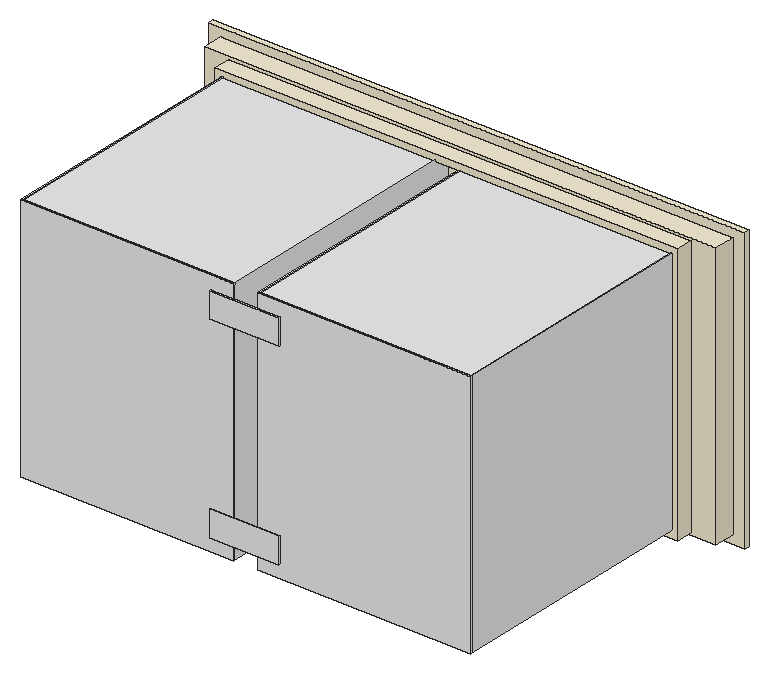
Revit family "4C-4_Door_High_Units_FL.rfa", category Specialty Equipment, host Wall, Revit 2016
Family settings
  Host = Wall
  Part Type = Normal
  Round Connector Dimension = Use Diameter
  Always vertical = Yes
  Cut with Voids When Loaded = No
  Shared = No
  Room Calculation Point = No
Parameters (values of type "3704D-06 FL")
  Width = 31.09766"
  Visible Door Number [instance] = yes
  Vertical Center Divider = yes
  Version = "2.0 (08/09/16)"
  Type Comments = "4C Standard Horizontal Mailbox - Front Loading"
  Top Back Plate = yes
  Right Inside Wall = yes
  Model = "3704D-06 FL"
  MasterFormat Title = "Postal Specialties"
  MasterFormat Number = "10 55 00"
  Manufacturer = "Salsbury Industries"
  Lock Material = Stainless Steel -Salsbury Finish =  Polished
  Left Inside Wall = yes
  Latch Lock - Right Side = no
  Latch Lock - Left Side = no
  Latch Alignment = 14.85742"
  Keynote = ""
  Height = 16.470"
  Front Panel Material [instance] = Aluminum - Salsbury Finish = Sandstone
  Door Slot R4 Number [instance] = "6"
  Door Slot R4 = 3700 Series 4C Door Configurations : MB1 Door w/ Divider
  Door Slot R3 Number [instance] = "0"
  Door Slot R3 = 3700 Series 4C OM2 Configuration : OM2-FL
  Door Slot R2 Number [instance] = "0"
  Door Slot R2 = 3700 Series 4C Door Configurations : Empty
  Door Slot R1 Number [instance] = "5"
  Door Slot R1 = 3700 Series 4C Door Configurations : MB1 Door
  Door Slot L4 Number [instance] = "4"
  Door Slot L4 = 3700 Series 4C Door Configurations : MB1 Door w/ Divider
  Door Slot L3 Number [instance] = "3"
  Door Slot L3 = 3700 Series 4C Door Configurations : MB1 Door w/ Divider
  Door Slot L2 Number [instance] = "2"
  Door Slot L2 = 3700 Series 4C Door Configurations : MB1 Door w/ Divider
  Door Slot L1 Number [instance] = "1"
  Door Slot L1 = 3700 Series 4C Door Configurations : MB1 Door
  Description = "4 Door High Unit: 6 MB1, OM2"
  Depth = 17.025"
  Center Extrusion Offset [instance] = 0.000"
  Bottom Back Plate = yes
  Back Enclosure Material = Aluminum - Salsbury Finish = Anodized
  Assembly Code = "C1030910"
  Above Finished Floor (AFF-Bottom of Unit) [instance] = 26.683"
  Above Finished Floor (AFF-Bottom of Door) [instance] = 28.000"
Reference planes (in)
  plane 1 "Wall Centerline": y = 0
  plane 2 "Center (Left/Right)": x = 0
  plane 3 "Front": y = 3
  plane 4 "15" AFF": z = 28
  plane 5 "28" AFF": z = 28
  plane 6 "36" AFF": z = 36
  plane 7 "48" AFF": z = 48
  plane 8 "Bottom of Unit": z = 26.683
  plane 9 "Top of Unit": z = 43.153
  plane 10 "Left Side of Unit": x = 15.54883
  plane 11 "Right Side of Unit": x = -15.54883
  plane 12 "28" AFF_Bottom of Unit": z = 26.683
  plane 13 "Top Horiz Trim Align": z = 42.32225
  plane 14 "Bottom Horiz Trim Align": z = 27.515
  plane 15 "Left Trim Align": x = 14.716
  plane 16 "Right Trim Align": x = -14.716
  plane 17 "Left Door Align": x = 14.06641
  plane 18 "Right Door Align": x = -14.06641
  plane 19 "Top Horiz Door Align": z = 41.73125
  plane 20 "Bottom Horiz Door Align": z = 28
  plane 21 "Front Face of Unit": y = 3.265
  plane 22 "Top Housing Align": z = 42.649
  plane 23 "Top Collar Align": z = 42.501
  plane 24 "Top Box Align": z = 42.146
  plane 25 "Vertical Housing Align": y = 1.795
  plane 26 "Vertical Collar Align": y = 0.795
  plane 27 "Back of Unit": y = -13.76
  plane 28 "Bottom Housing Align": z = 27.187
  plane 29 "Bottom Collar Align": z = 27.335
  plane 30 "Bottom Box Align": z = 27.75
  plane 31 "Door Alignment": y = 2.66809
  plane 32 "Right Housing Align": x = -14.84183
  plane 33 "Right Collar Align": x = -13.40883
  plane 34 "Right Box Side Align": x = -13.08083
  plane 35 "Left Housing Align": x = 14.84183
  plane 36 "Left Collar Align": x = 13.40883
  plane 37 "Left Side Box Align": x = 13.08083
  plane 38 "Top Back Plate Align": z = 41.367
  plane 39 "Back": y = -3
  plane 40 "RO Left Side": x = 15.17383
  plane 41 "RO Right Side": x = -15.17383
  plane 42 "RO Bottom": z = 27.058
  plane 43 "RO Top": z = 42.778
  plane 44 "Horiz Centerline": z = 42.04237
  plane 45: x = 12.99983
  plane 46: x = 12.92758
  plane 47 "Center Extrusion": x = 0
  plane 48 "Center Extrusion Offset": x = 0
  plane 49 "Row 4 Top Align": z = 31.5
  plane 50 "Row 3 Top Align": z = 35
  plane 51 "Row 2 Top Align": z = 38.5
  plane 52 "Top of base shelf": z = 28.41625
  plane 53 "base shelf void": z = 28.23439
  plane 54: z = 29.999
  plane 55: z = 28.499
  plane 56 "bottom of base shelf": z = 27.88469
  plane 57: x = -0.69141
  plane 58: x = 0.69141
  plane 59: z = 36.8
Forms (in)
  Extrusion 1, void
    sketch origin (0, 3, 0) x (1, 0, 0) y (0, 0, 1)
      loop
        line (15.17383, 42.778) -> (-15.17383, 42.778) -> (-15.17383, 27.058) -> (15.17383, 27.058) -> (15.17383, 42.778)
    from 0 to 15.27914
  Extrusion 2, solid, material "Aluminum - Salsbury Finish = Sandstone" <- "Front Panel Material"
    sketch origin (0, 3, 0) x (1, 0, 0) y (0, 0, 1)
      loop
        line (15.54883, 43.153) -> (-15.54883, 43.153) -> (-15.54883, 26.683) -> (15.54883, 26.683) -> (15.54883, 43.153)
    from -0.265 to 0
  Extrusion 3, void
    sketch origin (0, 3.265, 0.00774) x (0, 0, -1) y (-1, 0, 0)
      loop
        line (-42.31451, -14.716) -> (-27.50726, -14.716) -> (-27.50726, 14.716) -> (-42.31451, 14.716) -> (-42.31451, -14.716)
    from -0.265 to 0
  Extrusion 4, solid, material "Aluminum - Salsbury Finish = Sandstone" <- "Front Panel Material"
    sketch origin (14.98214, 3.265, -1.67978) x (0, 0, -1) y (-1, 0, 0)
      loop
        line (-44.00203, 29.69814) -> (-44.00203, 29.04855) -> (-29.19478, 29.04855) -> (-29.19478, 29.69814) -> (-44.00203, 29.69814)
    from 0 to -0.265
  Extrusion 5, solid, material "Aluminum - Salsbury Finish = Sandstone" <- "Front Panel Material"
    sketch origin (0, 3.265, 84.08475) x (0, 0, 1) y (1, 0, 0)
      loop
        line (-56.56975, 14.06641) -> (-56.56975, -14.06641) -> (-56.08475, -14.06641) -> (-56.08475, 14.06641) -> (-56.56975, 14.06641)
    from -0.265 to 0
  Extrusion 6, solid, material "Aluminum - Salsbury Finish = Sandstone" <- "Front Panel Material"
    sketch origin (0, 3, 84.08475) x (1, 0, 0) y (0, 0, 1)
      loop
        line (-14.84183, -56.89775) -> (14.84183, -56.89775) -> (14.84183, -41.43575) -> (-14.84183, -41.43575) -> (-14.84183, -56.89775)
    from 0 to 1.205
  Extrusion 7, solid, material "Aluminum - Salsbury Finish = Sandstone" <- "Front Panel Material"
    sketch origin (0, 1.795, 0) x (0, 0, 1) y (-1, 0, 0)
      loop
        line (27.335, 13.40883) -> (27.335, -13.40883) -> (42.501, -13.40883) -> (42.501, 13.40883) -> (27.335, 13.40883)
    from 0 to 1
  Extrusion 8, void
    sketch origin (0, 1.795, 0) x (0, 0, 1) y (-1, 0, 0)
      loop
        line (42.146, 13.08083) -> (27.75, 13.08083) -> (27.75, -13.08083) -> (42.146, -13.08083) -> (42.146, 13.08083)
    from 0 to 1
  Extrusion 9, solid, material "Aluminum - Salsbury Finish = Sandstone" <- "Front Panel Material"
    sketch origin (0, 3.265, 0) x (0, 0, -1) y (-1, 0, 0)
      loop
        line (-42.32225, -14.716) -> (-27.515, -14.716) -> (-27.515, -14.06641) -> (-42.32225, -14.06641) -> (-42.32225, -14.716)
    from 0 to -0.265
  Extrusion 10, solid, material "Aluminum - Salsbury Finish = Sandstone" <- "Front Panel Material"
    sketch origin (0, 3.265, 0) x (0, 0, -1) y (-1, 0, 0)
      loop
        line (-42.32225, -14.06641) -> (-41.73125, -14.06641) -> (-41.73125, 14.06641) -> (-42.32225, 14.06641) -> (-42.32225, -14.06641)
    from -0.265 to 0
  Extrusion 11, void
    sketch origin (0, 1.795, 0) x (0, 0, 1) y (-1, 0, 0)
      loop
        line (42.501, -13.40883) -> (42.501, 13.40883) -> (27.335, 13.40883) -> (27.335, -13.40883) -> (42.501, -13.40883)
    from -1.124 to 0
  Extrusion 12, void
    sketch origin (0, 3, 0) x (1, 0, 0) y (0, 0, 1)
      loop
        line (14.06641, 42.501) -> (-14.06641, 42.501) -> (-14.06641, 27.335) -> (14.06641, 27.335) -> (14.06641, 42.501)
    from 0 to 0.33191
  Extrusion 13, solid, material "Aluminum - Salsbury Finish = Anodized" <- "Back Enclosure Material"
    sketch origin (-0.54283, 1.795, 0) x (0, 0, 1) y (-1, 0, 0)
      loop
        line (42.146, 12.538) -> (27.75, 12.538) -> (27.75, 12.457) -> (42.146, 12.457) -> (42.146, 12.538)
    from 0 to 15.47297
  Extrusion 14, solid, material "Aluminum - Salsbury Finish = Anodized" <- "Back Enclosure Material", visible <- "Right Inside Wall"
    sketch origin (11.7675, 1.795, 0) x (0, 0, 1) y (-1, 0, 0)
      loop
        line (42.146, 12.538) -> (27.75, 12.538) -> (27.75, 12.457) -> (42.146, 12.457) -> (42.146, 12.538)
    from 0 to 15.47297
  Extrusion 15, solid, material "Aluminum - Salsbury Finish = Anodized" <- "Back Enclosure Material"
    sketch origin (0.54283, 1.795, 0) x (0, 0, 1) y (-1, 0, 0)
      loop
        line (42.146, -12.538) -> (42.146, -12.457) -> (27.75, -12.457) -> (27.75, -12.538) -> (42.146, -12.538)
    from 0 to 15.47297
  Extrusion 16, solid, material "Aluminum - Salsbury Finish = Anodized" <- "Back Enclosure Material", visible <- "Left Inside Wall"
    sketch origin (-11.7675, 1.795, 0) x (0, 0, 1) y (-1, 0, 0)
      loop
        line (42.146, -12.538) -> (42.146, -12.457) -> (27.75, -12.457) -> (27.75, -12.538) -> (42.146, -12.538)
    from 0 to 15.47297
  Extrusion 17, solid, material "Aluminum - Salsbury Finish = Anodized" <- "Back Enclosure Material"
    sketch origin (0, -13.76, 0) x (0, 0, 1) y (-1, 0, 0)
      loop
        line (42.146, 13.08083) -> (27.75, 13.08083) -> (27.75, -13.08083) -> (42.146, -13.08083) -> (42.146, 13.08083)
    from -0.08203 to 0
  Extrusion 18, solid, material "Aluminum - Salsbury Finish = Anodized" <- "Back Enclosure Material"
    sketch origin (0, 0, 42.146) x (0, 1, 0) y (-1, 0, 0)
      loop
        line (1.795, 12.99983) -> (-13.67797, 12.99983) -> (-13.67797, -12.99983) -> (1.795, -12.99983) -> (1.795, 12.99983)
    from -0.35871 to 0
  Extrusion 19, void
    sketch origin (0, 0, 42.146) x (0, 1, 0) y (-1, 0, 0)
      loop
        line (1.7325, 12.93342) -> (-13.61547, 12.93342) -> (-13.61547, -12.92758) -> (1.7325, -12.92758) -> (1.7325, 12.93342)
    from -0.0723 to -0.6459
  Extrusion 20, solid, material "Aluminum - Salsbury Finish = Anodized" <- "Back Enclosure Material"
    sketch origin (0, 0, 27.88469) x (-1, 0, 0) y (0, -1, 0)
      loop
        line (12.99983, -1.795) -> (12.99983, 13.67797) -> (-12.99983, 13.67797) -> (-12.99983, -1.795) -> (12.99983, -1.795)
    from 0.53156 to 0
  Extrusion 21, void
    sketch origin (0, 0, 27.88469) x (-1, 0, 0) y (0, -1, 0)
      loop
        line (12.93342, -1.7325) -> (12.93342, 13.61547) -> (-12.92758, 13.61547) -> (-12.92758, -1.7325) -> (12.93342, -1.7325)
    from 0.3497 to 0
  Extrusion 22, solid, material "Aluminum - Salsbury Finish = Anodized" <- "Back Enclosure Material", visible <- "Top Back Plate"
    sketch origin (0, -13.76, 0) x (0, 0, 1) y (-1, 0, 0)
      loop
        line (41.367, 2) -> (39.867, 2) -> (39.867, -2) -> (41.367, -2) -> (41.367, 2)
    from 0 to 0.08203
  Extrusion 23, solid, material "Aluminum - Salsbury Finish = Anodized" <- "Back Enclosure Material", visible <- "Bottom Back Plate"
    sketch origin (0, -13.76, 84.11475) x (0, 0, -1) y (1, 0, 0)
      loop
        line (55.61575, -2) -> (55.61575, 2) -> (54.11575, 2) -> (54.11575, -2) -> (55.61575, -2)
    from 0 to 0.08203
  Extrusion 24, void
    sketch origin (0, 0, 0) x (0, 0, 1) y (0, 1, 0)
      loop
        line (42.146, 1.795) -> (42.32225, 1.795) -> (42.32225, 3.265) -> (27.515, 3.265) -> (27.515, 1.795) -> (27.75, 1.795) -> (27.75, -13.76) -> (42.146, -13.76) -> (42.146, 1.795)
    from -0.69141 to 0.69141
  Extrusion 25, solid, material "Aluminum - Salsbury Finish = Sandstone" <- "Front Panel Material", visible <- "Vertical Center Divider"
    sketch origin (-0.77934, 3.265, 0) x (0, 0, -1) y (-1, 0, 0)
      loop
        line (-42.32225, -1.47075) -> (-27.515, -1.47075) -> (-27.515, -0.08794) -> (-42.32225, -0.08794) -> (-42.32225, -1.47075)
    from 0 to -1.47
Cuts and joins
  Extrusion 3, Extrusion 11, Extrusion 24 cuts Extrusion 2
  Extrusion 8, Extrusion 11, Extrusion 12, Extrusion 24 cuts Extrusion 5
  Extrusion 8, Extrusion 12, Extrusion 19, Extrusion 24 cuts Extrusion 7
  Extrusion 11, Extrusion 12, Extrusion 24 cuts Extrusion 10
  Extrusion 11, Extrusion 12 cuts Extrusion 6
  Extrusion 12 cuts Extrusion 4
  Extrusion 12 cuts Extrusion 9
  Extrusion 19, Extrusion 21, Extrusion 24 cuts Extrusion 18
  Extrusion 21, Extrusion 24 cuts Extrusion 20
  Extrusion 24 cuts Extrusion 17
  Extrusion 24 cuts Extrusion 22
  Extrusion 24 cuts Extrusion 23
Lines and regions (in)
  model lines
    curve 1: line (15.54883, 3.265, 43.153) -> (14.716, 3.265, 42.32017)
    curve 2: line (-15.54883, 3.265, 43.153) -> (-14.716, 3.265, 42.32017)
    curve 3: line (-15.54883, 3.265, 26.683) -> (-14.716, 3.265, 27.51583)
    curve 4: line (15.54883, 3.265, 26.683) -> (14.716, 3.265, 27.51583)
  reference lines
    curve 5: line (-14.06641, 2.66809, 25.683) -> (-14.06641, 2.66809, 47.43425)
    curve 6: line (14.06641, 2.66809, 26.183) -> (14.06641, 2.66809, 47.43425)
Text (in)
  text "Placement Side" at (0, 40.15149, 123.01588), in view "Right"
  text "Placement Side" at (-58.6842, 42.74981, 0), in view "Ref. Level"
  text "Placement Side" at (0, 47.49176, 140.59947), in view "Left"
Dimensions and locks (in)
  locked: plane 3 "Front" to host wall
  "Above Finished Floor (AFF-Bottom of Door)": level to plane 4 "15" AFF"
  locked: level to plane 5 "28" AFF" at 28
  locked: level to plane 6 "36" AFF" at 36
  locked: level to plane 7 "48" AFF" at 48
  equal spacing: plane 11 "Right Side of Unit", plane 2 "Center (Left/Right)", plane 10 "Left Side of Unit"
  plane 8 "Bottom of Unit" to plane 4 "15" AFF" = 1.317"
  "Width": plane 11 "Right Side of Unit" to plane 10 "Left Side of Unit"
  "Height": plane 8 "Bottom of Unit" to plane 9 "Top of Unit"
  plane 12 "28" AFF_Bottom of Unit" to plane 5 "28" AFF" = 1.317"
  locked: plane 15 "Left Trim Align" to plane 10 "Left Side of Unit" at 0.83283
  locked: plane 16 "Right Trim Align" to plane 11 "Right Side of Unit" at 0.83283
  locked: plane 13 "Top Horiz Trim Align" to plane 9 "Top of Unit" at 0.83075
  locked: plane 8 "Bottom of Unit" to plane 14 "Bottom Horiz Trim Align" at 0.832
  plane 17 "Left Door Align" to plane 15 "Left Trim Align" = 0.64959"
  plane 18 "Right Door Align" to plane 16 "Right Trim Align" = 0.64959"
  locked: plane 19 "Top Horiz Door Align" to plane 13 "Top Horiz Trim Align" at 0.591
  locked: plane 14 "Bottom Horiz Trim Align" to plane 20 "Bottom Horiz Door Align" at 0.485
  plane 20 "Bottom Horiz Door Align" to level = 28.000"
  plane 5 "28" AFF" to level = 28.000"
  plane 6 "36" AFF" to level = 36.000"
  plane 7 "48" AFF" to level = 48.000"
  plane 9 "Top of Unit" to plane 8 "Bottom of Unit" = 16.470"
  plane 21 "Front Face of Unit" to host wall = 0.265"
  locked: host wall to plane 25 "Vertical Housing Align" at 1.205
  locked: plane 25 "Vertical Housing Align" to plane 26 "Vertical Collar Align" at 1
  plane 25 "Vertical Housing Align" to plane 27 "Back of Unit" = 15.555"
  "Depth": plane 21 "Front Face of Unit" to plane 27 "Back of Unit"
  locked: plane 9 "Top of Unit" to plane 22 "Top Housing Align" at 0.504
  locked: plane 22 "Top Housing Align" to plane 23 "Top Collar Align" at 0.148
  locked: plane 23 "Top Collar Align" to plane 24 "Top Box Align" at 0.355
  locked: plane 28 "Bottom Housing Align" to plane 8 "Bottom of Unit" at 0.504
  locked: plane 29 "Bottom Collar Align" to plane 28 "Bottom Housing Align" at 0.148
  locked: plane 30 "Bottom Box Align" to plane 29 "Bottom Collar Align" at 0.415
  plane 24 "Top Box Align" to plane 30 "Bottom Box Align" = 14.396"  (x2)
  locked: plane 21 "Front Face of Unit" to plane 31 "Door Alignment" at 0.59691
  plane 11 "Right Side of Unit" to plane 32 "Right Housing Align" to plane 33 "Right Collar Align" to plane 34 "Right Box Side Align" = 0.707" locked, 1.433" locked, 0.328" locked
  plane 37 "Left Side Box Align" to plane 36 "Left Collar Align" to plane 35 "Left Housing Align" to plane 10 "Left Side of Unit" = 0.328" locked, 1.433" locked, 0.707" locked
  plane 11 "Right Side of Unit" to plane 32 "Right Housing Align" to plane 33 "Right Collar Align" to plane 34 "Right Box Side Align" = 0.707", 1.433", 0.328"
  plane 37 "Left Side Box Align" to plane 36 "Left Collar Align" to plane 35 "Left Housing Align" to plane 10 "Left Side of Unit" = 0.328", 1.433", 0.707"
  plane 9 "Top of Unit" to plane 24 "Top Box Align" = 1.007"
  plane 30 "Bottom Box Align" to plane 8 "Bottom of Unit" = 1.067"
  locked: plane 24 "Top Box Align" to plane 38 "Top Back Plate Align" at 0.779
  locked: plane 40 "RO Left Side" to plane 10 "Left Side of Unit" at 0.375
  locked: plane 41 "RO Right Side" to plane 11 "Right Side of Unit" at 0.375
  locked: plane 8 "Bottom of Unit" to plane 42 "RO Bottom" at 0.375
  locked: plane 43 "RO Top" to plane 9 "Top of Unit" at 0.375
  Extrusion 13 to Extrusion 13 = 0.081"
  Extrusion 15 to Extrusion 15 = 0.081"
  plane 45 to plane 37 "Left Side Box Align" = 0.081"
  plane 46 to plane 45 = 0.07225"
  plane 18 "Right Door Align" to plane 17 "Left Door Align" = 28.13281"
  "Center Extrusion Offset": plane 47 "Center Extrusion" to plane 48 "Center Extrusion Offset"
  plane 20 "Bottom Horiz Door Align" to plane 49 "Row 4 Top Align" to plane 50 "Row 3 Top Align" to plane 51 "Row 2 Top Align" = 3.500" locked, 3.500" locked, 3.500" locked
  plane 52 "Top of base shelf" to plane 53 "base shelf void" to plane 56 "bottom of base shelf" to plane 30 "Bottom Box Align" = 0.18186" locked, 0.3497" locked, 0.13469" locked
  plane 54 to plane 55 to plane 8 "Bottom of Unit" = 1.500" locked, 1.816" locked
  "Above Finished Floor (AFF-Bottom of Unit)": level to plane 8 "Bottom of Unit"
  locked: plane 57 to plane 58 at 1.38281
  plane 59 to plane 30 "Bottom Box Align" = 9.050"
  "Latch Alignment": plane 11 "Right Side of Unit" to plane 57
  aligned and locked: plane 8 "Bottom of Unit" to Extrusion 2 sketch curve
  aligned and locked: plane 10 "Left Side of Unit" to Extrusion 2 sketch curve
  aligned and locked: Extrusion 2 sketch curve to plane 11 "Right Side of Unit"
  aligned and locked: Extrusion 2 sketch curve to plane 9 "Top of Unit"
  aligned and locked: plane 21 "Front Face of Unit" to Extrusion 2
  aligned and locked: Extrusion 4 to plane 16 "Right Trim Align"
  aligned and locked: plane 18 "Right Door Align" to Extrusion 4
  aligned and locked: plane 13 "Top Horiz Trim Align" to Extrusion 4
  aligned and locked: Extrusion 5 to plane 14 "Bottom Horiz Trim Align"
  aligned and locked: Extrusion 5 to plane 17 "Left Door Align"
  aligned and locked: plane 20 "Bottom Horiz Door Align" to Extrusion 5
  aligned and locked: Extrusion 5 to plane 18 "Right Door Align"
  aligned and locked: plane 34 "Right Box Side Align" to Extrusion 17 sketch curve
  aligned and locked: Extrusion 17 sketch curve to plane 24 "Top Box Align"
  aligned and locked: Extrusion 17 sketch curve to plane 37 "Left Side Box Align"
  aligned and locked: plane 30 "Bottom Box Align" to Extrusion 17 sketch curve
  aligned and locked: plane 25 "Vertical Housing Align" to Extrusion 18 sketch curve
  aligned and locked: Extrusion 18 sketch curve to plane 45
  aligned and locked: plane 46 to Extrusion 19
  aligned and locked: plane 45 to cut or joined group of Extrusion 18, Extrusion 19, Extrusion 21, Extrusion 24
  aligned and locked: plane 25 "Vertical Housing Align" to Extrusion 20 sketch curve
  aligned and locked: Extrusion 20 sketch curve to plane 45
  aligned and locked: plane 46 to cut or joined group of Extrusion 20, Extrusion 21, Extrusion 24
  aligned and locked: plane 17 "Left Door Align" to cut or joined group of Extrusion 9, Extrusion 12
  aligned and locked: plane 25 "Vertical Housing Align" to Extrusion 25
  aligned and locked: plane 21 "Front Face of Unit" to Extrusion 25
  aligned and locked: nested 5 to plane 17 "Left Door Align"
  aligned and locked: plane 31 "Door Alignment" to nested 5  (x2)
  aligned and locked: nested 6 to plane 17 "Left Door Align"
  aligned and locked: plane 31 "Door Alignment" to nested 6  (x2)
  aligned and locked: nested 3 to curve 5
  aligned and locked: nested 8 to curve 6
  aligned and locked: nested 7 to curve 6
  aligned and locked: nested 6 to curve 6
  aligned and locked: nested 5 to curve 6
  aligned and locked: plane 31 "Door Alignment" to nested 3
  aligned and locked: plane 31 "Door Alignment" to nested 7
  aligned and locked: plane 31 "Door Alignment" to nested 2
  aligned and locked: plane 31 "Door Alignment" to nested 4
  aligned and locked: nested 1 to curve 5
  aligned and locked: nested 2 to curve 5
  aligned and locked: nested 4 to curve 5
  aligned and locked: plane 31 "Door Alignment" to nested 1
  aligned and locked: cut or joined group of Extrusion 23, Extrusion 24 to plane 55
  aligned and locked: plane 52 "Top of base shelf" to cut or joined group of Extrusion 20, Extrusion 21, Extrusion 24
  aligned and locked: cut or joined group of Extrusion 20, Extrusion 21, Extrusion 24 to plane 56 "bottom of base shelf"
  aligned and locked: plane 20 "Bottom Horiz Door Align" to nested 4
  aligned and locked: plane 20 "Bottom Horiz Door Align" to nested 8
  aligned and locked: plane 49 "Row 4 Top Align" to nested 3
  aligned and locked: plane 49 "Row 4 Top Align" to nested 7
  aligned and locked: plane 50 "Row 3 Top Align" to nested 2
  aligned and locked: plane 50 "Row 3 Top Align" to nested 6
  aligned and locked: plane 51 "Row 2 Top Align" to nested 1
  aligned and locked: plane 51 "Row 2 Top Align" to nested 5
  aligned and locked: plane 31 "Door Alignment" to nested 8
  aligned and locked: nested 10 to plane 27 "Back of Unit"
  aligned and locked: nested 9 to plane 27 "Back of Unit"
  aligned and locked: plane 59 to nested 9
  aligned and locked: plane 59 to nested 10
  aligned and locked: plane 57 to nested 10
  aligned and locked: plane 58 to nested 9
Automatic sketch dimensions
  Extrusion 1 sketch curve to plane 41 "RO Right Side" = 0.000"
  plane 40 "RO Left Side" to Extrusion 1 sketch curve = 0.000"
  Extrusion 1 sketch curve to plane 42 "RO Bottom" = 0.000"
  Extrusion 1 sketch curve to plane 43 "RO Top" = 0.000"
  Extrusion 6 sketch curve to plane 22 "Top Housing Align" = 0.000"
  Extrusion 6 sketch curve to plane 32 "Right Housing Align" = 0.000"
  Extrusion 6 sketch curve to plane 35 "Left Housing Align" = 0.000"
  Extrusion 6 sketch curve to plane 28 "Bottom Housing Align" = 0.000"
  Extrusion 7 sketch curve to plane 29 "Bottom Collar Align" = 0.000"
  Extrusion 7 sketch curve to plane 23 "Top Collar Align" = 0.000"
  plane 36 "Left Collar Align" to Extrusion 7 sketch curve = 0.000"
  Extrusion 7 sketch curve to plane 33 "Right Collar Align" = 0.000"
  Extrusion 8 sketch curve to plane 30 "Bottom Box Align" = 0.000"
  Extrusion 8 sketch curve to plane 24 "Top Box Align" = 0.000"
  Extrusion 8 sketch curve to plane 37 "Left Side Box Align" = 0.000"
  plane 34 "Right Box Side Align" to Extrusion 8 sketch curve = 0.000"
  Extrusion 11 sketch curve to plane 29 "Bottom Collar Align" = 0.000"
  Extrusion 11 sketch curve to plane 23 "Top Collar Align" = 0.000"
  plane 36 "Left Collar Align" to Extrusion 11 sketch curve = 0.000"
  plane 33 "Right Collar Align" to Extrusion 11 sketch curve = 0.000"
  Extrusion 13 sketch curve to plane 30 "Bottom Box Align" = 0.000"
  Extrusion 13 sketch curve to plane 24 "Top Box Align" = 0.000"
  plane 34 "Right Box Side Align" to Extrusion 13 sketch curve = 0.000"
  Extrusion 13 sketch curve to Extrusion 13 sketch curve = 0.081"
  Extrusion 15 sketch curve to plane 30 "Bottom Box Align" = 0.000"
  Extrusion 15 sketch curve to plane 24 "Top Box Align" = 0.000"
  plane 37 "Left Side Box Align" to Extrusion 15 sketch curve = 0.000"
  plane 37 "Left Side Box Align" to Extrusion 15 sketch curve = 0.081"
  Extrusion 18 sketch curve to plane 27 "Back of Unit" = 0.08203"
  plane 34 "Right Box Side Align" to Extrusion 18 sketch curve = 0.081"
  curve 2 to plane 9 "Top of Unit" = 0.000"
  curve 1 to plane 9 "Top of Unit" = 0.000"
  curve 2 to plane 16 "Right Trim Align" = 0.000"
  plane 15 "Left Trim Align" to curve 1 = 0.000"
  curve 3 to plane 16 "Right Trim Align" = 0.000"
  plane 15 "Left Trim Align" to curve 4 = 0.000"
  curve 4 to plane 8 "Bottom of Unit" = 0.000"
  curve 3 to plane 8 "Bottom of Unit" = 0.000"
  plane 10 "Left Side of Unit" to curve 4 = 0.000"
  plane 10 "Left Side of Unit" to curve 1 = 0.000"
  plane 11 "Right Side of Unit" to curve 3 = 0.000"
  plane 11 "Right Side of Unit" to curve 2 = 0.000"
  curve 2 to plane 13 "Top Horiz Trim Align" = 0.00208"
  curve 1 to plane 13 "Top Horiz Trim Align" = 0.00208"
  plane 14 "Bottom Horiz Trim Align" to curve 3 = 0.00083"
  plane 14 "Bottom Horiz Trim Align" to curve 4 = 0.00083"
  Extrusion 3 sketch curve to plane 13 "Top Horiz Trim Align" = 0.000"
  Extrusion 3 sketch curve to plane 14 "Bottom Horiz Trim Align" = 0.000"
  plane 15 "Left Trim Align" to Extrusion 3 sketch curve = 0.000"
  Extrusion 3 sketch curve to plane 16 "Right Trim Align" = 0.000"
  plane 13 "Top Horiz Trim Align" to Extrusion 4 sketch curve = 0.000"
  plane 14 "Bottom Horiz Trim Align" to Extrusion 4 sketch curve = 0.000"
  Extrusion 4 sketch curve to plane 16 "Right Trim Align" = 0.000"
  Extrusion 4 sketch curve to plane 18 "Right Door Align" = 0.000"
  Extrusion 5 sketch curve to plane 14 "Bottom Horiz Trim Align" = 0.000"
  Extrusion 5 sketch curve to plane 4 "15" AFF" = 0.000"
  plane 17 "Left Door Align" to Extrusion 5 sketch curve = 0.000"
  Extrusion 5 sketch curve to plane 18 "Right Door Align" = 0.000"
  Extrusion 9 sketch curve to plane 13 "Top Horiz Trim Align" = 0.000"
  Extrusion 9 sketch curve to plane 14 "Bottom Horiz Trim Align" = 0.000"
  plane 15 "Left Trim Align" to Extrusion 9 sketch curve = 0.000"
  plane 17 "Left Door Align" to Extrusion 9 sketch curve = 0.000"
  Extrusion 10 sketch curve to plane 13 "Top Horiz Trim Align" = 0.000"
  plane 17 "Left Door Align" to Extrusion 10 sketch curve = 0.000"
  Extrusion 10 sketch curve to plane 18 "Right Door Align" = 0.000"
  Extrusion 10 sketch curve to plane 19 "Top Horiz Door Align" = 0.000"
  Extrusion 12 sketch curve to plane 18 "Right Door Align" = 0.000"
  plane 17 "Left Door Align" to Extrusion 12 sketch curve = 0.000"
  Extrusion 12 sketch curve to plane 29 "Bottom Collar Align" = 0.000"
  Extrusion 12 sketch curve to plane 23 "Top Collar Align" = 0.000"
  Extrusion 14 sketch curve to plane 30 "Bottom Box Align" = 0.000"
  Extrusion 14 sketch curve to plane 24 "Top Box Align" = 0.000"
  Extrusion 14 sketch curve to plane 2 "Center (Left/Right)" = 0.6895"
  Extrusion 14 sketch curve to Extrusion 14 sketch curve = 0.081"
  Extrusion 16 sketch curve to plane 30 "Bottom Box Align" = 0.000"
  Extrusion 16 sketch curve to plane 24 "Top Box Align" = 0.000"
  Extrusion 16 sketch curve to plane 2 "Center (Left/Right)" = 0.6895"
  Extrusion 16 sketch curve to Extrusion 16 sketch curve = 0.081"
  Extrusion 19 sketch curve to plane 46 = 0.000"
  Extrusion 19 sketch curve to plane 27 "Back of Unit" = 0.14453"
  plane 25 "Vertical Housing Align" to Extrusion 19 sketch curve = 0.0625"
  plane 34 "Right Box Side Align" to Extrusion 19 sketch curve = 0.14741"
  Extrusion 22 sketch curve to plane 38 "Top Back Plate Align" = 0.000"
  plane 38 "Top Back Plate Align" to Extrusion 22 sketch curve = 1.500"
  plane 2 "Center (Left/Right)" to Extrusion 22 sketch curve = 2.000"
  Extrusion 22 sketch curve to plane 2 "Center (Left/Right)" = 2.000"
  Extrusion 23 sketch curve to plane 2 "Center (Left/Right)" = 2.000"
  plane 2 "Center (Left/Right)" to Extrusion 23 sketch curve = 2.000"
  Extrusion 24 sketch curve to plane 14 "Bottom Horiz Trim Align" = 0.000"
  Extrusion 24 sketch curve to plane 25 "Vertical Housing Align" = 0.000"  (x2)
  Extrusion 24 sketch curve to plane 30 "Bottom Box Align" = 0.000"
  Extrusion 24 sketch curve to plane 24 "Top Box Align" = 0.000"
  Extrusion 24 sketch curve to plane 13 "Top Horiz Trim Align" = 0.000"
  Extrusion 24 sketch curve to plane 27 "Back of Unit" = 0.000"
  Extrusion 24 sketch curve to plane 21 "Front Face of Unit" = 0.000"
  Extrusion 25 sketch curve to plane 13 "Top Horiz Trim Align" = 0.000"
  Extrusion 25 sketch curve to plane 14 "Bottom Horiz Trim Align" = 0.000"
  plane 2 "Center (Left/Right)" to Extrusion 25 sketch curve = 0.69141"
  Extrusion 25 sketch curve to plane 2 "Center (Left/Right)" = 0.69141"
  curve 5 to plane 18 "Right Door Align" = 0.000"
  plane 17 "Left Door Align" to curve 6 = 0.000"
  curve 5 to plane 8 "Bottom of Unit" = 1.000"
  curve 6 to plane 8 "Bottom of Unit" = 0.500"
  plane 9 "Top of Unit" to curve 6 = 4.28125"
  plane 9 "Top of Unit" to curve 5 = 4.28125"
  Extrusion 23 sketch curve to plane 4 "15" AFF" = 0.499"
  Extrusion 23 sketch curve to Extrusion 23 sketch curve = 1.500"
  plane 34 "Right Box Side Align" to Extrusion 20 sketch curve = 0.081"
  Extrusion 20 sketch curve to plane 27 "Back of Unit" = 0.08203"
  Extrusion 21 sketch curve to plane 46 = 0.000"
  plane 34 "Right Box Side Align" to Extrusion 21 sketch curve = 0.14741"
  plane 25 "Vertical Housing Align" to Extrusion 21 sketch curve = 0.0625"
  Extrusion 21 sketch curve to plane 27 "Back of Unit" = 0.14453"
Nested families (in)
  nested 1: "3700 Series 4C Door Configurations" at (-7.37891, 2.79505, 38.5) x (-1, 0, 0) z (0, 0, 1), type <- "Door Slot R1", Door Number <- "Door Slot R1 Number", type "MB1 Door"
    with Door Number "5"
  nested 2: "3700 Series 4C Door Configurations" at (-7.37891, 2.79505, 35) x (-1, 0, 0) z (0, 0, 1), type <- "Door Slot R2", Door Number <- "Door Slot R2 Number", type "Empty"
    with Door Number "0"
  nested 3: "3700 Series 4C OM2 Configuration" at (-7.37891, 2.79505, 31.5) x (-1, 0, 0) z (0, 0, 1), type <- "Door Slot R3", Door Number <- "Door Slot R3 Number", type "OM2-FL"
    with Door Number "0"
  nested 4: "3700 Series 4C Door Configurations" at (-7.37891, 2.79505, 28) x (-1, 0, 0) z (0, 0, 1), type <- "Door Slot R4", Door Number <- "Door Slot R4 Number", type "MB1 Door w/ Divider"
    with Door Number "6"
  nested 5: "3700 Series 4C Door Configurations" at (7.37891, 2.79505, 38.5) x (-1, 0, 0) z (0, 0, 1), type <- "Door Slot L1", Door Number <- "Door Slot L1 Number", type "MB1 Door"
    with Door Number "1"
  nested 6: "3700 Series 4C Door Configurations" at (7.37891, 2.79505, 35) x (-1, 0, 0) z (0, 0, 1), type <- "Door Slot L2", Door Number <- "Door Slot L2 Number", type "MB1 Door w/ Divider"
    with Door Number "2"
  nested 7: "3700 Series 4C Door Configurations" at (7.37891, 2.79505, 31.5) x (-1, 0, 0) z (0, 0, 1), type <- "Door Slot L3", Door Number <- "Door Slot L3 Number", type "MB1 Door w/ Divider"
    with Door Number "3"
  nested 8: "3700 Series 4C Door Configurations" at (7.37891, 2.79505, 28) x (-1, 0, 0) z (0, 0, 1), type <- "Door Slot L4", Door Number <- "Door Slot L4 Number", type "MB1 Door w/ Divider"
    with Door Number "4"
  nested 9: "4C Latch Lock-Left" at (1.81641, -13.882, 36.1125) x (-1, 0, 0) z (0, 0, 1), type "Lock Latch"
    with Visible Latch no
  nested 10: "4C Latch Lock-Right" at (-1.81641, -13.882, 36.1125) x (-1, 0, 0) z (0, 0, 1), type "Lock Latch"
    with Visible Latch no
Definition of nested family "3700 Series 4C Door Configurations"
  Parameters (values of type "MB1 Door w/ Divider")
    Weight = "5 lbs."
    Visible Door Number = yes
    URL = ""
    Model = "3700MB1"
    Manufacturer = "Salsbury Industries"
    Lock Material = none
    Inset Offset = 0.000"
    Front Panel Material = none
    Door Width = 13.375"
    Door Visibility-MB1 = yes
    Door Number [instance] = "101"
    Door Lock = yes
    Door Height = 3.23047"
    Door Divider = yes
    Door Depth = 0.25391"
    Description = "MB1 Door for 3700 Series 4C Mailboxes"
    Cost = 0
    Center Lock-Vertical = 0.875"
    Center Lock-Horizontal = 1.61523"
  Types (11): name | Weight | Visible Door Number | Model | Inset Offset | Door Visibility-MB1 | Door Lock | Door Height | Door Divider | Description
    MB1 Door w/ Divider | "5 lbs." | yes | "3700MB1" | 0.000" | yes | yes | 3.23047" | yes | "MB1 Door for 3700 Series 4C Mailboxes"
    MB1 Door | "5 lbs." | yes | "3700MB1" | 0.000" | yes | yes | 3.23047" | no | "MB1 Door for 3700 Series 4C Mailboxes"
    MB2 Door | "10 lbs." | yes | "3700MB2" | 0.000" | yes | yes | 6.73047" | no | "MB2 Door for 3700 Series 4C Mailboxes"
    MB2 Door w/ Divider | "10 lbs." | yes | "3700MB2" | 0.000" | yes | yes | 6.73047" | yes | "MB2 Door for 3700 Series 4C Mailboxes"
    MB3 Door | "15 lbs." | yes | "3700MB3" | 0.000" | yes | yes | 10.23047" | no | "MB3 Door for 3700 Series 4C Mailboxes"
    MB3 Door w/ Divider | "15 lbs." | yes | "3700MB3" | 0.000" | yes | yes | 10.23047" | yes | "MB3 Door for 3700 Series 4C Mailboxes"
    MB4 Door | "20 lbs." | yes | "3700MB4" | 0.000" | yes | yes | 13.73047" | no | "MB4 Door for 3700 Series 4C Mailboxes"
    MB4 Door w/ Divider | "20 lbs." | yes | "3700MB4" | 0.000" | yes | yes | 13.73047" | yes | "MB4 Door for 3700 Series 4C Mailboxes"
    Blank Door | "5 lbs." | no | "3700MB1" | 0.18359" | yes | no | 3.23047" | no | "MB1 Door for 3700 Series 4C Mailboxes"
    Blank Door w/ Divider | "5 lbs." | no | "3700MB1" | 0.18402" | yes | no | 3.23047" | yes | "MB1 Door for 3700 Series 4C Mailboxes"
    Empty | "5 lbs." | no | "Empty MB1" | 0.18359" | no | no | 3.23047" | no | "Empty MB1 Door for 3700 Series 4C Mailboxes"
  Reference planes (in)
    plane 1 "Center (Front/Back)": y = 0
    plane 2 "Bottom of Door": z = 0
    plane 3 "Center (Left/Right)": x = 0
    plane 4 "Left Side Face of Door": x = -6.6875
    plane 5 "Right Side Face of Door": x = 6.6875
    plane 6 "Back Face of Door": y = 0.12695
    plane 7 "Front Face of Door": y = -0.12695
    plane 8: z = 3.23047
    plane 9: z = 1.61523
    plane 10 "Face of Divider": y = -0.46995
    plane 11 "Center Lock Vertical": x = -5.8125
    plane 12 "Center Lock Horizontal": z = 1.61523
    plane 13 "Face of Lock": y = -0.42383
    plane 14 "Divider Height Align": z = 3.50047
    plane 15 "Inset Center": x = -0.0975
    plane 16 "Inset Offset": y = -0.12695
    plane 17: z = 1.99038
    plane 18: z = 1.24072
  Forms (in)
    Extrusion 1, solid, material <- "Front Panel Material", visible <- "Door Visibility-MB1"
      sketch origin (0, 0, 0) x (1, 0, 0) y (0, 1, 0)
        loop
          line (-6.4355, 0.12695) -> (-6.6875, -0.05445) -> (-6.6875, -0.12695) -> (6.05625, -0.12695)
          arc (6.05625, -0.12695) -> (6.19558, -0.17661) -> (6.27209, -0.3032) r 0.22029
          arc (6.27209, -0.3032) -> (6.3553, -0.42132) -> (6.4925, -0.46664) r 0.23034
          arc (6.4925, -0.46664) -> (6.63039, -0.40952) -> (6.6875, -0.27164) r 0.195
          line (6.6875, -0.27164) -> (6.6875, 0.12695) -> (-6.4355, 0.12695)
      from 0 to 3.23047
    Blend 2, solid, material <- "Lock Material", visible <- "Door Lock"
      base sketch origin (0, -0.12695, 0) x (-1, 0, 0) y (0, 0, 1)
        loop
          circle (5.8125, 1.61523) r 0.525
      top sketch origin (0, -0.12695, 0) x (-1, 0, 0) y (0, 0, 1)
        loop
          circle (5.8125, 1.61523) r 0.485
      from 0 to -0.29688
    Extrusion 3, solid, material <- "Front Panel Material", visible <- "Door Divider"
      sketch origin (0, 0, 3.50047) x (-1, 0, 0) y (0, -1, 0)
        loop
          line (6.6875, -0.12695) -> (6.6875, 0.46995) -> (-6.6875, 0.46995) -> (-6.6875, -0.12695) -> (6.6875, -0.12695)
      from -0.27 to 0
    Extrusion 4, void
      sketch origin (0, -0.42383, 0) x (1, 0, 0) y (0, 0, 1)
        loop
          circle (-5.8125, 1.49523) r 0.285
      from 0 to -0.01562
    Extrusion 5, void
      sketch origin (0, -0.42383, 0) x (1, 0, 0) y (0, 0, 1)
        loop
          line (-5.84183, 1.62353) -> (-5.84183, 1.32353) -> (-5.78183, 1.32353) -> (-5.78183, 1.62353) -> (-5.84183, 1.62353)
      from 0 to -0.03906
    Extrusion 6, void
      sketch origin (0, -0.12695, 0) x (0, 0, 1) y (-1, 0, 0)
        loop
          arc (2.36523, 0.8475) -> (2.32862, 0.93589) -> (2.24023, 0.9725) r 0.125
          line (2.24023, 0.9725) -> (0.99023, 0.9725)
          arc (0.99023, 0.9725) -> (0.90185, 0.93589) -> (0.86523, 0.8475) r 0.125
          line (0.86523, 0.8475) -> (0.86523, -0.6525)
          arc (0.86523, -0.6525) -> (0.90185, -0.74089) -> (0.99023, -0.7775) r 0.125
          line (0.99023, -0.7775) -> (2.24023, -0.7775)
          arc (2.24023, -0.7775) -> (2.32862, -0.74089) -> (2.36523, -0.6525) r 0.125
          line (2.36523, -0.6525) -> (2.36523, 0.8475)
      from 0 to -0.03906
  Cuts and joins
    Extrusion 4, Extrusion 5 cuts Blend 2
    Extrusion 6 cuts Extrusion 1
  Dimensions and locks (in)
    equal spacing: plane 6 "Back Face of Door", plane 1 "Center (Front/Back)", plane 7 "Front Face of Door"
    "Door Depth": plane 6 "Back Face of Door" to plane 7 "Front Face of Door"
    equal spacing: plane 4 "Left Side Face of Door", plane 3 "Center (Left/Right)", plane 5 "Right Side Face of Door"  (x2)
    "Door Width": plane 4 "Left Side Face of Door" to plane 5 "Right Side Face of Door"
    locked: plane 7 "Front Face of Door" to plane 10 "Face of Divider" at 0.343
    "Center Lock-Vertical": plane 4 "Left Side Face of Door" to plane 11 "Center Lock Vertical"
    "Inset Offset": plane 16 "Inset Offset" to plane 7 "Front Face of Door"
    plane 4 "Left Side Face of Door" to plane 5 "Right Side Face of Door" = 13.375"
    plane 6 "Back Face of Door" to plane 10 "Face of Divider" = 0.59691"
    "Door Height": plane 8 to plane 2 "Bottom of Door"
    equal spacing: plane 8, plane 9, plane 2 "Bottom of Door"
    locked: plane 14 "Divider Height Align" to plane 8 at 0.27
    plane 17 to plane 9 to plane 18 = 0.37515" locked, 0.37452" locked
    aligned and locked: level to plane 2 "Bottom of Door"
    aligned and locked: plane 4 "Left Side Face of Door" to Extrusion 1
    aligned and locked: plane 6 "Back Face of Door" to Extrusion 1
    aligned and locked: plane 7 "Front Face of Door" to Extrusion 1
    aligned and locked: plane 8 to Extrusion 1
    aligned and locked: Extrusion 3 sketch curve to plane 4 "Left Side Face of Door"
    aligned and locked: Extrusion 3 sketch curve to plane 6 "Back Face of Door"
    aligned and locked: plane 5 "Right Side Face of Door" to Extrusion 3 sketch curve
    aligned and locked: Extrusion 3 to plane 8
    aligned and locked: plane 10 "Face of Divider" to Extrusion 3 sketch curve
    aligned and locked: plane 14 "Divider Height Align" to Extrusion 3
    aligned and locked: cut or joined group of Extrusion 1, Extrusion 6 to plane 2 "Bottom of Door"
    aligned and locked: plane 18 to text3d elem
  Automatic sketch dimensions
    Extrusion 1 sketch curve to plane 4 "Left Side Face of Door" = 0.000"
    Extrusion 1 sketch curve to plane 6 "Back Face of Door" = 0.000"
    Extrusion 1 sketch curve to plane 7 "Front Face of Door" = 0.000"
    Extrusion 1 sketch curve to plane 5 "Right Side Face of Door" = 0.000"
    Extrusion 1 sketch curve to plane 4 "Left Side Face of Door" = 0.252"
    plane 5 "Right Side Face of Door" to Extrusion 1 sketch curve = 0.63125"
    Extrusion 1 sketch curve to plane 7 "Front Face of Door" = 0.10935"
    plane 5 "Right Side Face of Door" to Extrusion 1 sketch curve = 0.195"
    Extrusion 1 sketch curve to plane 7 "Front Face of Door" = 0.14468"
    plane 10 "Face of Divider" to Extrusion 1 sketch curve = 0.12271"
    plane 1 "Center (Front/Back)" to Extrusion 1 sketch curve = 0.05445"
    plane 10 "Face of Divider" to Extrusion 1 sketch curve = 0.16676"
    Blend 2 sketch curve to plane 9 = 0.000"  (x2)
    plane 11 "Center Lock Vertical" to Blend 2 sketch curve = 0.000"  (x2)
    plane 11 "Center Lock Vertical" to Extrusion 4 sketch curve = 0.000"
    Extrusion 4 sketch curve to plane 9 = 0.120"
    Extrusion 4 sketch curve to Extrusion 4 sketch curve = 0.285"
    plane 11 "Center Lock Vertical" to Extrusion 5 sketch curve = 0.02933"
    Extrusion 5 sketch curve to plane 11 "Center Lock Vertical" = 0.03067"
    Extrusion 5 sketch curve to plane 9 = 0.2917"
    plane 9 to Extrusion 5 sketch curve = 0.0083"
    Extrusion 6 sketch curve to plane 9 = 0.750"
    Extrusion 6 sketch curve to Extrusion 6 sketch curve = 0.125"  (x3)
    plane 9 to Extrusion 6 sketch curve = 0.625"  (x2)
    plane 3 "Center (Left/Right)" to Extrusion 6 sketch curve = 0.7775"
    plane 15 "Inset Center" to Extrusion 6 sketch curve = 0.750"
    radius of Blend 2 sketch curve = 0.525"
    radius of Blend 2 sketch curve = 0.485"
Definition of nested family "3700 Series 4C OM2 Configuration"
  Parameters (values of type "OM2-FL")
    Weight = ""
    URL = ""
    Access Lock Offset = 0.000"
    Access Lock = yes
    Model = "3700OM2-FL"
    Manufacturer = "Salsbury Industries"
    Lock Material = none
    Front Panel Material = none
    Door Width = 13.375"
    Door Number [instance] = "101"
    Door Height = 7.00047"
    Door Depth = 0.25391"
    Description = "OM2 Door for 3700 Series 4C Mailboxes-Front Loading"
    Cost = 0
    Center Lock-Vertical = 2.360"
    Center Lock-Horizontal = 1.61523"
  Types (3): name | Access Lock Offset | Access Lock | Model | Description
    (no name) | 0.000" | yes | "3700OM2-FL" | "OM2 Door for 3700 Series 4C Mailboxes-Front Loading"
    OM2-FL | 0.000" | yes | "3700OM2-FL" | "OM2 Door for 3700 Series 4C Mailboxes-Front Loading"
    OM2-RL | 0.3125" | no | "3700OM2-RL" | "OM2 Door for 3700 Series 4C Mailboxes-Rear Loading"
  Reference planes (in)
    plane 1 "Center (Front/Back)": y = 0
    plane 2 "Bottom of Door": z = 0
    plane 3 "Center (Left/Right)": x = 0
    plane 4 "Left Side Face of Door": x = -6.6875
    plane 5 "Right Side Face of Door": x = 6.6875
    plane 6 "Back Face of Door": y = 0.12695
    plane 7 "Front Face of Door": y = -0.12695
    plane 8: z = 3.23047
    plane 9: z = 1.61523
    plane 10: y = -0.46995
    plane 11 "Center Lock Vertical": x = -4.3275
    plane 12 "Center Lock Horizontal": z = 1.61523
    plane 13 "Face of Lock": y = -0.42383
    plane 14 "Divider Height Align": z = 3.50047
    plane 15 "Plate Center": x = -0.16063
    plane 16 "Left Stud Align": x = -5.7025
    plane 17 "Right Stud Align": x = -2.8895
    plane 18 "Top Stud Align": z = 2.27147
    plane 19 "Bottom Stud Align": z = 0.95947
    plane 20 "Hinge Stud Align": x = 5.6875
    plane 21 "Mail Plate Top": z = 2.61547
    plane 22 "Mail Plate Bottom": z = 0.61547
    plane 23: x = -2.1595
    plane 24: x = 1.8405
    plane 25 "Face of Mail Plate": y = -0.16602
    plane 26 "Top of Mail Drop Door": z = 6.73094
    plane 27 "Top of Mail Drop Divider": z = 7.00047
    plane 28 "Face of Mail Drop": y = -0.31995
    plane 29 "Top of Mail Slot": z = 6.42087
    plane 30 "Bottom of Mail Slot": z = 5.67087
    plane 31 "Left Edge of Mail Slot": x = -5.3755
    plane 32 "Right Edge of Mail Slot": x = 5.3755
    plane 33 "Mail Slot Bottom Protusion": z = 6.50987
    plane 34: y = -0.49395
    plane 35: z = 6.15637
    plane 36 "Front of Awning": y = -1.63495
    plane 37: y = -1.15685
    plane 38 "Mail Slot Slope": through (-240, -0.44582, 6.9722) normal (0, -0.5, 0.866)
    plane 39 "Access Lock Offset": y = 0.12695
  Forms (in)
    Extrusion 1, solid, material <- "Front Panel Material"
      sketch origin (0, 0, 0) x (1, 0, 0) y (0, 1, 0)
        loop
          line (-6.4355, 0.12695) -> (-6.6875, -0.05445) -> (-6.6875, -0.12695) -> (6.05625, -0.12695)
          arc (6.05625, -0.12695) -> (6.19558, -0.17661) -> (6.27209, -0.3032) r 0.22029
          arc (6.27209, -0.3032) -> (6.3553, -0.42132) -> (6.4925, -0.46664) r 0.23034
          arc (6.4925, -0.46664) -> (6.63039, -0.40952) -> (6.6875, -0.27164) r 0.195
          line (6.6875, -0.27164) -> (6.6875, 0.12695) -> (-6.4355, 0.12695)
      from 0 to 3.23047
    Extrusion 2, solid, material <- "Front Panel Material"
      sketch origin (0, 0, 3.50047) x (-1, 0, 0) y (0, -1, 0)
        loop
          line (6.6875, -0.12695) -> (6.6875, 0.46995) -> (-6.6875, 0.46995) -> (-6.6875, -0.12695) -> (6.6875, -0.12695)
      from -0.27 to 0
    Extrusion 3, void
      sketch origin (0, 0.12695, 0) x (0, 0, -1) y (-1, 0, 0)
        loop
          circle (-1.61523, 4.3275) r 0.4375
      from 0 to -0.25391
    Extrusion 4, solid, material <- "Lock Material", visible <- "Access Lock"
      sketch origin (0, 0.12695, 0) x (0, 0, -1) y (-1, 0, 0)
        loop
          circle (-1.61523, 4.3275) r 0.42913
      from 0 to -0.25391
    Extrusion 5, void
      sketch origin (0, 0.12695, 3.4) x (-1, 0, 0) y (0, 0, 1)
        loop
          line (4.3568, -1.47517) -> (4.2982, -1.47517) -> (4.2982, -2.09436) -> (4.3568, -2.09436) -> (4.3568, -1.47517)
      from -0.12695 to -0.25391
    Blend 6, solid, material <- "Front Panel Material"
      base sketch origin (0, -0.12695, 2.68123) x (-1, 0, 0) y (0, 0, 1)
        loop
          circle (5.7025, -0.40977) r 0.15665
      top sketch origin (0, -0.12695, 2.68123) x (-1, 0, 0) y (0, 0, 1)
        loop
          circle (5.7025, -0.40977) r 0.3125
      from -0.11328 to 0
    Blend 7, solid, material <- "Front Panel Material"
      base sketch origin (1.3125, -0.12695, 2.68123) x (-1, 0, 0) y (0, 0, 1)
        loop
          circle (4.202, -0.40977) r 0.15665
      top sketch origin (1.3125, -0.12695, 2.68123) x (-1, 0, 0) y (0, 0, 1)
        loop
          circle (4.202, -0.40977) r 0.3125
      from -0.11328 to 0
    Blend 8, solid, material <- "Front Panel Material"
      base sketch origin (0, -0.12695, 1.36923) x (-1, 0, 0) y (0, 0, 1)
        loop
          circle (5.7025, -0.40977) r 0.15665
      top sketch origin (0, -0.12695, 1.36923) x (-1, 0, 0) y (0, 0, 1)
        loop
          circle (5.7025, -0.40977) r 0.3125
      from -0.11328 to 0
    Blend 9, solid, material <- "Front Panel Material"
      base sketch origin (1.3125, -0.12695, 1.36923) x (-1, 0, 0) y (0, 0, 1)
        loop
          circle (4.202, -0.40977) r 0.15665
      top sketch origin (1.3125, -0.12695, 1.36923) x (-1, 0, 0) y (0, 0, 1)
        loop
          circle (4.202, -0.40977) r 0.3125
      from -0.11328 to 0
    Blend 10, solid, material <- "Front Panel Material"
      base sketch origin (9.8895, -0.12695, 2.68123) x (-1, 0, 0) y (0, 0, 1)
        loop
          circle (4.202, -0.40977) r 0.15665
      top sketch origin (9.8895, -0.12695, 2.68123) x (-1, 0, 0) y (0, 0, 1)
        loop
          circle (4.202, -0.40977) r 0.3125
      from -0.11328 to 0
    Blend 11, solid, material <- "Front Panel Material"
      base sketch origin (9.8895, -0.12695, 1.36923) x (-1, 0, 0) y (0, 0, 1)
        loop
          circle (4.202, -0.40977) r 0.15665
      top sketch origin (9.8895, -0.12695, 1.36923) x (-1, 0, 0) y (0, 0, 1)
        loop
          circle (4.202, -0.40977) r 0.3125
      from -0.11328 to 0
    Extrusion 12, solid, material <- "Lock Material"
      sketch origin (0, -0.12695, 0) x (-1, 0, 0) y (0, 0, 1)
        loop
          line (1.96028, 2.61547) -> (-1.64128, 2.61547)
          arc (-1.64128, 2.61547) -> (-1.78215, 2.55712) -> (-1.8405, 2.41625) r 0.19922
          line (-1.8405, 2.41625) -> (-1.8405, 0.81469)
          arc (-1.8405, 0.81469) -> (-1.78215, 0.67382) -> (-1.64128, 0.61547) r 0.19922
          line (-1.64128, 0.61547) -> (1.96028, 0.61547)
          arc (1.96028, 0.61547) -> (2.10115, 0.67382) -> (2.1595, 0.81469) r 0.19922
          line (2.1595, 0.81469) -> (2.1595, 2.41625)
          arc (2.1595, 2.41625) -> (2.10115, 2.55712) -> (1.96028, 2.61547) r 0.19922
      from 0 to -0.03906
    Extrusion 13, solid, material <- "Front Panel Material"
      sketch origin (-2.13946, 0, 3.50047) x (-1, 0, 0) y (0, -1, 0)
        loop
          line (4.54804, -0.12695) -> (4.54804, 0.31995) -> (-8.82696, 0.31995) -> (-8.82696, -0.12695) -> (4.54804, -0.12695)
      from 0 to 3.0094
    Extrusion 14, void
      sketch origin (0, -0.31995, 0) x (0, 0, -1) y (-1, 0, 0)
        loop
          arc (-5.67087, 5.0005) -> (-6.04587, 5.3755) -> (-6.42087, 5.0005) r 0.375
          line (-6.42087, 5.0005) -> (-6.42087, -5.0005)
          arc (-6.42087, -5.0005) -> (-6.04587, -5.3755) -> (-5.67087, -5.0005) r 0.375
          line (-5.67087, -5.0005) -> (-5.67087, 5.0005)
      from 0 to 0.44691
    Extrusion 15, solid, material <- "Front Panel Material"
      sketch origin (0, 0, 0) x (0, 1, 0) y (0, 0, 1)
        loop
          line (0.12695, 6.50987) -> (0.12695, 7.00047) -> (-0.46995, 7.00047) -> (-0.75605, 6.83078) -> (-0.73973, 6.80251) -> (-1.27431, 6.49388) -> (-1.29063, 6.52214) -> (-1.61027, 6.3376)
          arc (-1.61027, 6.3376) -> (-1.63087, 6.31111) -> (-1.62714, 6.27777) r 0.04454
          line (-1.62714, 6.27777) -> (-1.5282, 6.17883)
          arc (-1.5282, 6.17883) -> (-1.4937, 6.16211) -> (-1.4558, 6.15637) r 0.12791
          line (-1.4558, 6.15637) -> (-1.10623, 6.15637) -> (-0.49395, 6.50987) -> (0.12695, 6.50987)
      from -6.6875 to 6.6875
  Cuts and joins
    Extrusion 3 cuts Extrusion 1
    Extrusion 5 cuts Extrusion 4
    Extrusion 14 cuts Extrusion 13
  Dimensions and locks (in)
    equal spacing: plane 6 "Back Face of Door", plane 1 "Center (Front/Back)", plane 7 "Front Face of Door"
    "Door Depth": plane 6 "Back Face of Door" to plane 7 "Front Face of Door"
    equal spacing: plane 4 "Left Side Face of Door", plane 3 "Center (Left/Right)", plane 5 "Right Side Face of Door"
    "Door Width": plane 4 "Left Side Face of Door" to plane 5 "Right Side Face of Door"
    plane 8 to level = 3.23047"
    equal spacing: plane 8, plane 9, level
    locked: plane 7 "Front Face of Door" to plane 10 at 0.343
    "Center Lock-Vertical": plane 4 "Left Side Face of Door" to plane 11 "Center Lock Vertical"
    "Center Lock-Horizontal": plane 8 to plane 12 "Center Lock Horizontal"
    locked: plane 14 "Divider Height Align" to plane 8 at 0.27
    plane 4 "Left Side Face of Door" to plane 16 "Left Stud Align" to plane 17 "Right Stud Align" = 0.985", 2.813"
    plane 8 to plane 18 "Top Stud Align" to plane 19 "Bottom Stud Align" = 0.959", 1.312"
    plane 20 "Hinge Stud Align" to plane 5 "Right Side Face of Door" = 1.000"
    plane 8 to plane 21 "Mail Plate Top" to plane 22 "Mail Plate Bottom" = 0.615", 2.000"
    plane 4 "Left Side Face of Door" to plane 23 to plane 24 = 4.528", 4.000"
    plane 27 "Top of Mail Drop Divider" to plane 26 "Top of Mail Drop Door" to plane 14 "Divider Height Align" = 0.26953" locked, 3.23047"
    "Door Height": plane 27 "Top of Mail Drop Divider" to level
    plane 28 "Face of Mail Drop" to plane 10 = 0.150"
    locked: plane 27 "Top of Mail Drop Divider" to plane 29 "Top of Mail Slot" at 0.5796
    locked: plane 29 "Top of Mail Slot" to plane 30 "Bottom of Mail Slot" at 0.75
    locked: plane 4 "Left Side Face of Door" to plane 31 "Left Edge of Mail Slot" at 1.312
    locked: plane 32 "Right Edge of Mail Slot" to plane 5 "Right Side Face of Door" at 1.312
    locked: plane 33 "Mail Slot Bottom Protusion" to plane 29 "Top of Mail Slot" at 0.089
    plane 28 "Face of Mail Drop" to plane 34 = 0.174"
    plane 33 "Mail Slot Bottom Protusion" to plane 35 = 0.3535"
    plane 28 "Face of Mail Drop" to plane 36 "Front of Awning" = 1.315"
    plane 4 "Left Side Face of Door" to plane 5 "Right Side Face of Door" = 13.375"
    plane 6 "Back Face of Door" to plane 36 "Front of Awning" = 1.76191"
    "Access Lock Offset": plane 39 "Access Lock Offset" to plane 6 "Back Face of Door"
    aligned and locked: level to plane 2 "Bottom of Door"
    aligned and locked: plane 4 "Left Side Face of Door" to Extrusion 1
    aligned and locked: plane 6 "Back Face of Door" to Extrusion 1
    aligned and locked: plane 7 "Front Face of Door" to Extrusion 1
    aligned and locked: Extrusion 1 to level
    aligned and locked: plane 8 to Extrusion 1
    aligned and locked: Extrusion 2 sketch curve to plane 4 "Left Side Face of Door"
    aligned and locked: Extrusion 2 sketch curve to plane 6 "Back Face of Door"
    aligned and locked: plane 5 "Right Side Face of Door" to Extrusion 2 sketch curve
    aligned and locked: Extrusion 2 to plane 8
    aligned and locked: plane 10 to Extrusion 2 sketch curve
    aligned and locked: plane 14 "Divider Height Align" to Extrusion 2
    aligned and locked: plane 4 "Left Side Face of Door" to Extrusion 2
    aligned and locked: Extrusion 2 to plane 5 "Right Side Face of Door"
    aligned and locked: Extrusion 13 to plane 28 "Face of Mail Drop"
    aligned and locked: plane 29 "Top of Mail Slot" to Extrusion 14 sketch curve
    aligned and locked: cut or joined group of Extrusion 13, Extrusion 14 to cut or joined group of Extrusion 13, Extrusion 14
    aligned and locked: cut or joined group of Extrusion 1, Extrusion 3 to plane 2 "Bottom of Door"
  Automatic sketch dimensions
    Extrusion 1 sketch curve to plane 4 "Left Side Face of Door" = 0.000"
    Extrusion 1 sketch curve to plane 6 "Back Face of Door" = 0.000"
    Extrusion 1 sketch curve to plane 7 "Front Face of Door" = 0.000"
    Extrusion 1 sketch curve to plane 5 "Right Side Face of Door" = 0.000"
    Extrusion 1 sketch curve to plane 4 "Left Side Face of Door" = 0.252"
    Extrusion 1 sketch curve to plane 20 "Hinge Stud Align" = 0.36875"
    Extrusion 1 sketch curve to plane 25 "Face of Mail Plate" = 0.07029"
    plane 5 "Right Side Face of Door" to Extrusion 1 sketch curve = 0.195"
    Extrusion 1 sketch curve to plane 25 "Face of Mail Plate" = 0.10562"
    Extrusion 1 sketch curve to plane 13 "Face of Lock" = 0.07658"
    plane 1 "Center (Front/Back)" to Extrusion 1 sketch curve = 0.05445"
    Extrusion 1 sketch curve to plane 13 "Face of Lock" = 0.12063"
    Extrusion 5 sketch curve to plane 11 "Center Lock Vertical" = 0.0293"
    plane 11 "Center Lock Vertical" to Extrusion 5 sketch curve = 0.0293"
    Extrusion 5 sketch curve to plane 9 = 0.30959"
    plane 9 to Extrusion 5 sketch curve = 0.30959"
    plane 16 "Left Stud Align" to Blend 6 sketch curve = 0.000"  (x2)
    Blend 6 sketch curve to plane 18 "Top Stud Align" = 0.000"  (x2)
    plane 17 "Right Stud Align" to Blend 7 sketch curve = 0.000"  (x2)
    Blend 7 sketch curve to plane 18 "Top Stud Align" = 0.000"  (x2)
    plane 16 "Left Stud Align" to Blend 8 sketch curve = 0.000"  (x2)
    Blend 8 sketch curve to plane 19 "Bottom Stud Align" = 0.000"  (x2)
    plane 17 "Right Stud Align" to Blend 9 sketch curve = 0.000"  (x2)
    Blend 9 sketch curve to plane 19 "Bottom Stud Align" = 0.000"  (x2)
    Blend 10 sketch curve to plane 18 "Top Stud Align" = 0.000"  (x2)
    plane 20 "Hinge Stud Align" to Blend 10 sketch curve = 0.000"  (x2)
    Blend 11 sketch curve to plane 19 "Bottom Stud Align" = 0.000"  (x2)
    plane 20 "Hinge Stud Align" to Blend 11 sketch curve = 0.000"  (x2)
    plane 24 to Extrusion 12 sketch curve = 0.000"
    Extrusion 12 sketch curve to plane 22 "Mail Plate Bottom" = 0.000"
    Extrusion 12 sketch curve to plane 21 "Mail Plate Top" = 0.000"
    plane 23 to Extrusion 12 sketch curve = 0.000"
    plane 24 to Extrusion 12 sketch curve = 0.19922"  (x2)
    plane 18 "Top Stud Align" to Extrusion 12 sketch curve = 0.14478"
    Extrusion 12 sketch curve to plane 23 = 0.19922"
    Extrusion 13 sketch curve to plane 5 "Right Side Face of Door" = 0.000"
    Extrusion 13 sketch curve to plane 4 "Left Side Face of Door" = 0.000"
    Extrusion 13 sketch curve to plane 6 "Back Face of Door" = 0.000"
    Extrusion 13 sketch curve to plane 7 "Front Face of Door" = 0.193"
    Extrusion 14 sketch curve to plane 30 "Bottom of Mail Slot" = 0.000"
    plane 32 "Right Edge of Mail Slot" to Extrusion 14 sketch curve = 0.375"
    Extrusion 14 sketch curve to plane 31 "Left Edge of Mail Slot" = 0.375"
    Extrusion 15 sketch curve to plane 35 = 0.000"
    Extrusion 15 sketch curve to plane 33 "Mail Slot Bottom Protusion" = 0.000"
    Extrusion 15 sketch curve to plane 34 = 0.000"
    Extrusion 15 sketch curve to plane 27 "Top of Mail Drop Divider" = 0.000"
    Extrusion 15 sketch curve to plane 6 "Back Face of Door" = 0.000"
    plane 26 "Top of Mail Drop Door" to Extrusion 15 sketch curve = 0.07158"
    Extrusion 15 sketch curve to plane 34 = 0.24578"
    plane 26 "Top of Mail Drop Door" to Extrusion 15 sketch curve = 0.09984"
    Extrusion 15 sketch curve to Extrusion 15 sketch curve = 0.01632"
    plane 37 to Extrusion 15 sketch curve = 0.05062"
    Extrusion 15 sketch curve to plane 33 "Mail Slot Bottom Protusion" = 0.01599"
    plane 33 "Mail Slot Bottom Protusion" to Extrusion 15 sketch curve = 0.01227"
    plane 36 "Front of Awning" to Extrusion 15 sketch curve = 0.17915"
    plane 35 to Extrusion 15 sketch curve = 0.02246"
    Extrusion 15 sketch curve to Extrusion 15 sketch curve = 0.0724"
    plane 36 "Front of Awning" to Extrusion 15 sketch curve = 0.04696"
    plane 36 "Front of Awning" to Extrusion 15 sketch curve = 0.02469"
    plane 36 "Front of Awning" to Extrusion 15 sketch curve = 0.00781"
    Extrusion 15 sketch curve to Extrusion 15 sketch curve = 0.05983"
    Extrusion 4 sketch curve to plane 9 = 0.000"
    plane 11 "Center Lock Vertical" to Extrusion 4 sketch curve = 0.000"
    Extrusion 3 sketch curve to plane 9 = 0.000"
    plane 11 "Center Lock Vertical" to Extrusion 3 sketch curve = 0.000"
    radius of Blend 6 sketch curve = 0.15665"
    radius of Blend 6 sketch curve = 0.3125"
    radius of Blend 7 sketch curve = 0.15665"
    radius of Blend 7 sketch curve = 0.3125"
    radius of Blend 8 sketch curve = 0.15665"
